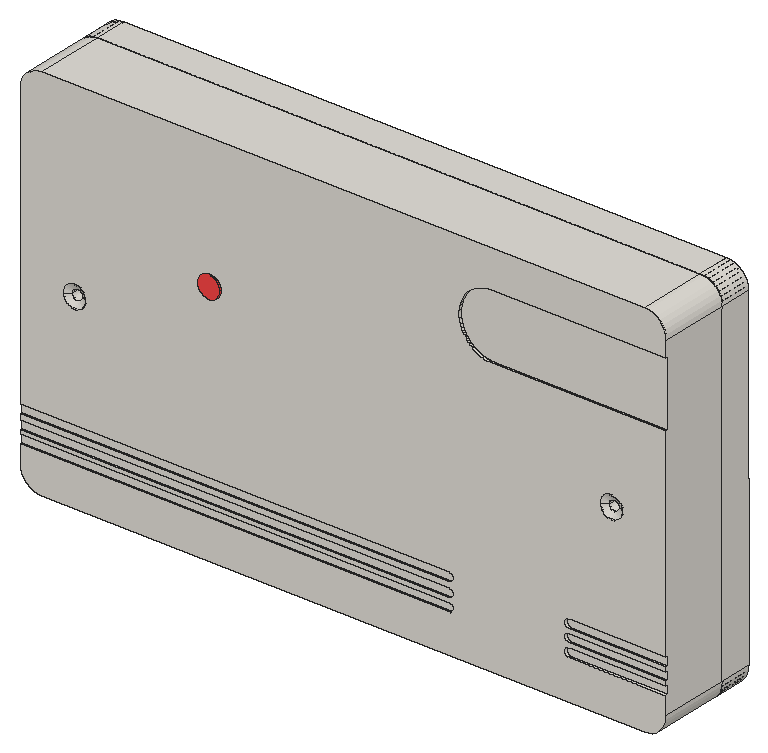
Revit family "TYCO-FPP-FireClass-FC410LI LINE ISOLATOR MODULE", category Electrical Fixtures, Revit 2014
Parameters (values of type "TYCO-FPP-FireClass-FC410LI LINE ISOLATOR MODULE")
  Wire Size (maximum) = "2.5sq. mm"
  Width = 84 mm  # constant formula
  URL = "https://fireclass.co.uk/en/emea/DocumentandMedia1/Data%20Sheets/80093%20Tyco%20Datasheet_addressable%20Loop%20Modules%20LR.pdf"
  Type Comments = "It monitors the line condition\r\nand when detecting a short circuit will isolate the affected section whilst\r\nallowing the rest of the loop to function normally."
  Thickness = 2 mm  # constant formula
  Storage Temperature = "–40°C to +80°C"
  Series Resistance (max.) = "0.25 Ohm"
  Relative Humidity = "10% to 95%"
  Rear Cover = yes
  PCB = PCB
  Model = "FireClass - 545.800.004"
  Manufacturer = "Tyco"
  Loop Voltage = "20V to 40Vdc"
  Length = 60 mm  # constant formula
  Keynote = "FC410LI"
  Input Current = "80μA"
  Front Cover = yes
  Equivalent Capacitance = "0.5nF"
  Description = "Line Isolation\r\nModule"
  Operating Temperature = "- 20 - + 70 ºC"
Reference planes
  plane 1 "Center (Front/Back)": y = 0
  plane 2: z = 0
  plane 3 "Center (Left/Right)": x = 0
  plane 4: z = 30
  plane 5: z = -30
  plane 6: x = -42
  plane 7: x = 42
  plane 8: y = -1
  plane 9: y = 1
Forms (mm)
  Extrusion 1, solid, material "PCB" <- "PCB", detail levels fine
    sketch origin (0, 0, 0) x (1, 0, 0) y (0, 0, 1)
      loop
        line (-42, 30) -> (-42, -30) -> (42, -30) -> (42, 30) -> (-42, 30)
      loop
        circle (-28.063, -14.377) r 3
      loop
        circle (-28.063, 14.377) r 3
      loop
        circle (28.063, -14.377) r 3
      loop
        circle (28.063, 14.377) r 3
      loop
        circle (37.958, 26.468) r 1.5
      loop
        circle (37.958, -26.468) r 1.5
      loop
        circle (-37.958, -26.468) r 1.5
      loop
        circle (-37.958, 16.045) r 1.5
    from -1 to 1
  Extrusion 2, solid, material "Black", detail levels fine
    sketch origin (0, 0, 0) x (0, 1, 0) y (0, 0, 1)
      loop
        line (-1, 31.143) -> (-4.43, 31.143) -> (-8.589, 28.231) -> (-8.589, 22.972) -> (-5.314, 19.697) -> (-1, 19.697) -> (-1, 31.143)
    from -7.445 to 22.842
  Extrusion 3, solid, detail levels fine
    sketch origin (-77.558, -4572, 30) x (-1, 0, 0) y (0, -1, 0)
      loop
        line (-70.898, -4568.682) -> (-70.898, -4564.66) -> (-75.179, -4564.66) -> (-75.179, -4568.682) -> (-70.898, -4568.682)
      loop
        line (-75.898, -4568.682) -> (-75.898, -4564.66) -> (-80.179, -4564.66) -> (-80.179, -4568.682) -> (-75.898, -4568.682)
      loop
        line (-80.898, -4568.682) -> (-80.898, -4564.66) -> (-85.179, -4564.66) -> (-85.179, -4568.682) -> (-80.898, -4568.682)
      loop
        line (-85.898, -4568.682) -> (-85.898, -4564.66) -> (-90.179, -4564.66) -> (-90.179, -4568.682) -> (-85.898, -4568.682)
      loop
        line (-90.418, -4568.682) -> (-90.418, -4564.66) -> (-94.699, -4564.66) -> (-94.699, -4568.682) -> (-90.418, -4568.682)
      loop
        line (-95.418, -4568.682) -> (-95.418, -4564.66) -> (-99.699, -4564.66) -> (-99.699, -4568.682) -> (-95.418, -4568.682)
    from -8.919 to 0
Lines and regions (mm)
  model lines, detail levels fine
    curve 1: line (12.723, -1, 10.497) -> (15.219, -1, 8)
    curve 2: line (15.219, -1, 8) -> (32.386, -1, 8)
    curve 3: line (32.386, -1, 8) -> (34.594, -1, 5.792)
    curve 4: line (34.594, -1, 5.792) -> (34.594, -1, -18.208)
    curve 5: line (35.394, -1, 5.792) -> (35.394, -1, -18.507)
    curve 6: line (32.951, -1, 8.566) -> (35.394, -1, 5.792)
    curve 7: line (15.785, -1, 8.566) -> (32.951, -1, 8.566)
    curve 8: line (13.288, -1, 11.062) -> (15.785, -1, 8.566)
    curve 9: line (12.723, -1, 10.497) -> (13.288, -1, 11.062)
    curve 10: line (34.594, -1, -18.208) -> (29.041, -1, -24.596)
    curve 11: line (29.041, -1, -24.596) -> (-5.488, -1, -24.596)
    curve 12: line (29.406, -1, -25.396) -> (-5.488, -1, -25.396)
    curve 13: line (35.394, -1, -18.507) -> (29.406, -1, -25.396)
    curve 14: line (-5.488, -1, -25.396) -> (-5.488, -1, -24.596)
    curve 15: line (-25.062, -1, 2.391) -> (-25.062, -1, -6.777)
    curve 16: line (-24.262, -1, 2.353) -> (-24.262, -1, -6.749)
    curve 17: circle (-24.628, -1, 3.083) r 0.816 normal (0, 1, 0)
    curve 18: circle (-24.638, -1, -7.474) r 0.816 normal (0, 1, 0)
    curve 19: line (-21.323, -1, 10.072) -> (-21.323, -1, 5.072)
    curve 20: line (-21.323, -1, 5.072) -> (-18.092, -1, 1.841)
    curve 21: line (-18.092, -1, 1.841) -> (-18.092, -1, -5.662)
    curve 22: line (-20.523, -1, 10.072) -> (-20.523, -1, 5.403)
    curve 23: line (-20.523, -1, 5.403) -> (-17.292, -1, 2.172)
    curve 24: line (-17.292, -1, 2.172) -> (-17.292, -1, -5.663)
    curve 25: circle (-20.935, -1, 10.607) r 0.816 normal (0, 1, 0)
    curve 26: circle (-17.693, -1, -6.374) r 0.816 normal (0, 1, 0)
    curve 27: line (11.71, -1, 6.738) -> (14.482, -1, 3.967)
    curve 28: line (14.482, -1, 3.967) -> (26.989, -1, 3.967)
    curve 29: line (28.809, -1, 2.147) -> (28.809, -1, -8.98)
    curve 30: line (12.276, -1, 7.304) -> (14.814, -1, 4.767)
    curve 31: line (14.814, -1, 4.767) -> (27.1, -1, 4.767)
    curve 32: line (29.609, -1, 2.258) -> (29.609, -1, -8.935)
    curve 33: arc (26.989, -1, 3.967) -> (28.276, -1, 3.434) -> (28.809, -1, 2.147) r 1.82
    curve 34: arc (27.1, -1, 4.767) -> (28.874, -1, 4.032) -> (29.609, -1, 2.258) r 2.508
    curve 35: line (11.71, -1, 6.738) -> (12.276, -1, 7.304)
    curve 36: line (24.601, -1, 0.851) -> (24.601, -1, -6.744)
    curve 37: line (22.842, -1, -8.503) -> (8.528, -1, -8.503)
    curve 38: line (22.449, -1, -7.703) -> (8.528, -1, -7.703)
    curve 39: line (23.801, -1, 0.851) -> (23.801, -1, -6.351)
    curve 40: arc (23.801, -1, -6.351) -> (23.405, -1, -7.307) -> (22.449, -1, -7.703) r 1.352
    curve 41: arc (24.601, -1, -6.744) -> (24.086, -1, -7.988) -> (22.842, -1, -8.503) r 1.759
    curve 42: line (23.801, -1, 0.851) -> (24.601, -1, 0.851)
    curve 43: line (8.528, -1, -8.503) -> (8.528, -1, -7.703)
    curve 44: circle (29.248, -1, -9.668) r 0.816 normal (0, 1, 0)
  model lines, detail levels coarse+medium
    curve 45: line (-42, 1, 30) -> (42, 1, 30)
    curve 46: line (-42, 1, -30) -> (-42, 1, 30)
    curve 47: line (42, 1, -30) -> (-42, 1, -30)
    curve 48: line (42, 1, 30) -> (42, 1, -30)
Dimensions and locks
  equal spacing: plane 4, plane 2, plane 5
  "Length": plane 4 to plane 5
  equal spacing: plane 7, plane 3 "Center (Left/Right)", plane 6
  "Width": plane 7 to plane 6
  equal spacing: plane 8, plane 1 "Center (Front/Back)", plane 9
  "Thickness": plane 8 to plane 9
  aligned and locked: level to plane 2
  aligned and locked: Extrusion 1 sketch curve to plane 4
  aligned and locked: plane 6 to Extrusion 1 sketch curve
  aligned and locked: Extrusion 1 sketch curve to plane 5
  aligned and locked: plane 7 to Extrusion 1 sketch curve
  aligned and locked: Extrusion 1 to plane 9
  aligned and locked: Extrusion 1 to plane 8
  aligned and locked: curve 45 to Extrusion 1
  aligned and locked: curve 46 to Extrusion 1
  aligned and locked: curve 47 to Extrusion 1
  aligned and locked: curve 48 to Extrusion 1
  aligned and locked: plane 3 "Center (Left/Right)" to nested 1
  aligned and locked: plane 2 to nested 1
  aligned and locked: plane 3 "Center (Left/Right)" to nested 2
  aligned and locked: plane 2 to nested 2
Automatic sketch dimensions
  plane 6 to Extrusion 1 sketch curve = 4.042 mm  (x2)
  Extrusion 1 sketch curve to Extrusion 1 sketch curve = 9.895 mm
  plane 6 to Extrusion 1 sketch curve = 13.937 mm
  plane 7 to Extrusion 1 sketch curve = 13.937 mm  (x2)
  plane 7 to Extrusion 1 sketch curve = 4.042 mm  (x2)
  Extrusion 1 sketch curve to plane 5 = 3.532 mm  (x2)
  Extrusion 1 sketch curve to level = 14.377 mm  (x2)
  level to Extrusion 1 sketch curve = 14.377 mm  (x2)
  Extrusion 1 sketch curve to Extrusion 1 sketch curve = 1.668 mm
  Extrusion 1 sketch curve to plane 4 = 3.532 mm
  curve 9 to Extrusion 1 = 29.277 mm
  curve 8 to Extrusion 1 = 18.938 mm
  curve 1 to curve 8 = 0.566 mm  (x2)
  curve 1 to curve 2 = 2.496 mm
  curve 1 to curve 7 = 0.566 mm
  curve 3 to Extrusion 1 = 9.614 mm
  curve 2 to curve 7 = 0.566 mm
  curve 2 to curve 4 = 2.208 mm
  curve 3 to curve 6 = 0.8 mm
  curve 3 to curve 2 = 2.208 mm
  curve 6 to curve 3 = 0 mm
  curve 4 to Extrusion 1 = 11.792 mm
  curve 5 to curve 4 = 0.299 mm
  curve 13 to plane 5 = 4.604 mm
  curve 12 to curve 14 = 0.8 mm
  curve 44 to level = 9.668 mm
  curve 43 to level = 8.503 mm
  curve 37 to curve 43 = 0.8 mm
  curve 18 to level = 7.474 mm
  curve 38 to curve 36 = 0.959 mm
  curve 26 to level = 6.374 mm
  curve 36 to curve 39 = 0.393 mm
  level to curve 42 = 0.851 mm
  level to curve 21 = 1.841 mm
  level to curve 29 = 2.147 mm
  curve 20 to curve 24 = 0.331 mm
  curve 33 to curve 32 = 0.111 mm
  level to curve 17 = 3.083 mm
  level to curve 28 = 3.967 mm
  curve 27 to curve 30 = 0.8 mm
  curve 17 to curve 20 = 1.989 mm
  curve 19 to curve 23 = 0.331 mm
  curve 30 to curve 35 = 1.972 mm
  curve 27 to curve 30 = 0.566 mm
  curve 22 to curve 25 = 5.204 mm
  plane 6 to curve 18 = 17.362 mm
  curve 18 to curve 17 = 0.009 mm
  curve 17 to curve 20 = 3.305 mm
  curve 19 to curve 25 = 0.388 mm
  curve 19 to curve 23 = 0.8 mm
  curve 22 to curve 20 = 2.431 mm
  curve 21 to curve 26 = 0.399 mm
  curve 20 to curve 24 = 0.8 mm
  curve 14 to plane 3 "Center (Left/Right)" = 5.488 mm
  plane 3 "Center (Left/Right)" to curve 37 = 8.528 mm
  plane 3 "Center (Left/Right)" to curve 35 = 11.71 mm
  curve 27 to curve 35 = 0.566 mm
  curve 38 to curve 38 = 13.921 mm
  curve 40 to curve 37 = 0.393 mm
  curve 36 to curve 28 = 2.388 mm
  curve 33 to curve 34 = 0.111 mm
  plane 7 to curve 10 = 12.959 mm
  curve 29 to curve 44 = 0.44 mm
  curve 10 to curve 13 = 0.365 mm
  curve 10 to curve 13 = 6.088 mm
  curve 13 to curve 10 = 0.299 mm
  curve 44 to curve 29 = 0.688 mm
  curve 18 to curve 15 = 0.697 mm
  curve 15 to curve 16 = 0.028 mm
  curve 26 to curve 24 = 0.711 mm
  curve 16 to curve 17 = 0.73 mm
  curve 16 to curve 15 = 0.038 mm
  curve 19 to curve 25 = 0.535 mm
  curve 22 to curve 25 = 0.535 mm
  plane 7 to curve 10 = 7.406 mm
  curve 10 to curve 13 = 0.8 mm
  Extrusion 2 sketch curve to plane 8 = 0 mm
  plane 4 to Extrusion 2 sketch curve = 1.143 mm
  Extrusion 2 sketch curve to Extrusion 2 sketch curve = 3.43 mm
  Extrusion 2 sketch curve to Extrusion 2 sketch curve = 4.314 mm
  Extrusion 2 sketch curve to Extrusion 2 sketch curve = 3.275 mm  (x2)
  Extrusion 2 sketch curve to plane 4 = 1.769 mm
  Extrusion 2 sketch curve to Extrusion 2 sketch curve = 5.259 mm
  Extrusion 3 sketch curve to plane 8 = 2.318 mm  (x2)
  plane 7 to Extrusion 3 sketch curve = 19.859 mm
  Extrusion 3 sketch curve to Extrusion 3 sketch curve = 4.281 mm  (x4)
  Extrusion 3 sketch curve to Extrusion 3 sketch curve = 0.719 mm  (x4)
  Extrusion 3 sketch curve to Extrusion 3 sketch curve = 0.239 mm
  plane 3 "Center (Left/Right)" to Extrusion 3 sketch curve = 3.34 mm
  Extrusion 3 sketch curve to plane 3 "Center (Left/Right)" = 1.66 mm
  Extrusion 3 sketch curve to Extrusion 3 sketch curve = 0 mm  (x9)
  Extrusion 3 sketch curve to Extrusion 3 sketch curve = 4.022 mm
  radius of Extrusion 1 sketch curve = 3 mm  (x4)
  radius of Extrusion 1 sketch curve = 1.5 mm  (x4)
  radius of curve 25 = 0.816 mm
Nested families
  nested 1: "517.035.007" at (0, 7, 0), visible <- "Front Cover", type "517.035.007 cover"
    with Front Cover yes
  nested 2: "517.035.010 rear cover" at (0, 0, -7.5), visible <- "Rear Cover", type "517.035.010 back box"
    with Rear cover yes
Connectors
  electrical at (0, 1, 0)
    settings: on Extrusion 1, index 1, voltage 0 V, apparent load 0 VA, apparent load phase1 0 VA, apparent load phase2 0 VA, apparent load phase3 0 VA, power factor 1, load classification "Other", number of poles 1, system type 10, power factor state 1, is connector primary yes, connector utility no, sub classification motor no, connector description ""
Definition of nested family "517.035.007"
  Parameters (values of type "517.035.007 cover")
    X = 2 mm
    W = 148 mm
    Type Comments = "M520 Ancillary cover for use with 800 series modules.\r\nWill fit onto a MK style double gang back box."
    Model = "517.035.007"
    Material = Cover
    Manufacturer = "Tyco"
    L = 87 mm
    Front Cover [instance] = yes
    Description = "M520 Ancillary Cover"
    D = 23 mm
  Reference planes
    plane 1 "Center (Front/Back)": y = 0
    plane 2: z = 0
    plane 3 "Center (Left/Right)": x = 0
    plane 4: x = -74
    plane 5: x = 74
    plane 6: x = 61.5
    plane 7: z = 43.5
    plane 8: z = -43.5
    plane 9: y = -23
  Forms (mm)
    Extrusion 1, solid, material "Cover" <- "Material", visible <- "Front Cover", detail levels fine
      sketch origin (0, -23.027, 0) x (1, 0, 0) y (0, 0, 1)
        loop
          arc (-69, 43.5) -> (-72.536, 42.036) -> (-74, 38.5) r 5
          line (-74, 38.5) -> (-74, -38.5)
          arc (-74, -38.5) -> (-72.536, -42.036) -> (-69, -43.5) r 5
          line (-69, -43.5) -> (69, -43.5)
          arc (69, -43.5) -> (72.536, -42.036) -> (74, -38.5) r 5
          line (74, -38.5) -> (74, 38.5)
          arc (74, 38.5) -> (72.536, 42.036) -> (69, 43.5) r 5
          line (69, 43.5) -> (-69, 43.5)
      from -23 to 0
    Extrusion 2, void
      sketch origin (0, -23.027, 0) x (-1, 0, 0) y (0, 0, 1)
        loop
          line (74, -26.396) -> (-24.324, -26.396)
          arc (-24.324, -26.396) -> (-25.324, -27.396) -> (-24.324, -28.396) r 1
          line (-24.324, -28.396) -> (74, -28.396) -> (74, -26.396)
        loop
          line (74, -29.671) -> (-24.324, -29.671)
          arc (-24.324, -29.671) -> (-25.324, -30.671) -> (-24.324, -31.671) r 1
          line (-24.324, -31.671) -> (74, -31.671) -> (74, -29.671)
        loop
          line (74, -32.583) -> (-24.324, -32.583)
          arc (-24.324, -32.583) -> (-25.324, -33.583) -> (-24.324, -34.583) r 1
          line (-24.324, -34.583) -> (74, -34.583) -> (74, -32.583)
        loop
          line (-51.834, -26.396) -> (-74, -26.396) -> (-74, -28.396) -> (-51.834, -28.396)
          arc (-51.834, -28.396) -> (-50.834, -27.396) -> (-51.834, -26.396) r 1
        loop
          line (-51.834, -29.305) -> (-74, -29.305) -> (-74, -31.305) -> (-51.834, -31.305)
          arc (-51.834, -31.305) -> (-50.834, -30.305) -> (-51.834, -29.305) r 1
        loop
          line (-51.834, -32.254) -> (-74, -32.254) -> (-74, -34.254) -> (-51.834, -34.254)
          arc (-51.834, -34.254) -> (-50.834, -33.254) -> (-51.834, -32.254) r 1
        loop
          line (-74, 34.995) -> (-74, 19.995) -> (-34, 19.995)
          arc (-34, 19.995) -> (-26.5, 27.495) -> (-34, 34.995) r 7.5
          line (-34, 34.995) -> (-74, 34.995)
      from 0 to 0.563
    Revolve 3, void
      sketch origin (0, -23.027, 0) x (0, -1, 0) y (1, 0, 0)
        loop
          line (-3.575, 61.5) -> (0, 61.5) -> (0, 64.045) -> (-0.836, 62.678) -> (-3.575, 62.678) -> (-3.575, 61.5)
        axis (-3.575, 61.5) -> (0, 61.5)
      angle from 0 to 360
    Extrusion 4, solid, material "LED RED", detail levels fine
      sketch origin (0, -23.027, 0) x (1, 0, 0) y (0, 0, 1)
        loop
          circle (-30.624, 12.978) r 2.558
      from -1.293 to 0.174
    Extrusion 5, void
      sketch origin (-94.576, -0.027, -4572) x (1, 0, 0) y (0, 0, -1)
        loop
          line (26.703, -4612.567) -> (162.316, -4612.567)
          arc (162.316, -4612.567) -> (164.664, -4611.594) -> (165.637, -4609.246) r 3.321
          line (165.637, -4609.246) -> (165.637, -4534.612)
          arc (165.637, -4534.612) -> (164.589, -4532.082) -> (162.058, -4531.033) r 3.578
          line (162.058, -4531.033) -> (27.05, -4531.033)
          arc (27.05, -4531.033) -> (24.499, -4532.09) -> (23.442, -4534.641) r 3.608
          line (23.442, -4534.641) -> (23.442, -4609.306)
          arc (23.442, -4609.306) -> (24.397, -4611.612) -> (26.703, -4612.567) r 3.261
      from 0 to -19.425
    Revolve 6, void
      sketch origin (0, -23.027, 0) x (0, 1, 0) y (-1, 0, 0)
        loop
          line (3.575, 61.5) -> (3.575, 62.678) -> (0.836, 62.678) -> (0, 64.045) -> (0, 61.5) -> (3.575, 61.5)
        axis (3.575, 61.5) -> (0, 61.5)
      angle from 0 to 360
  Cuts and joins
    Extrusion 2, Revolve 3, Extrusion 5, Revolve 6 cuts Extrusion 1
  Dimensions and locks
    equal spacing: plane 4, plane 3 "Center (Left/Right)", plane 5
    "W": plane 4 to plane 5
    locked: plane 5 to plane 6 at 12.5
    equal spacing: plane 7, level, plane 8
    "L": plane 7 to plane 8
    "D": plane 9 to plane 1 "Center (Front/Back)"
    aligned and locked: plane 2 to level
    aligned and locked: Extrusion 1 to Extrusion 5
    aligned and locked: Extrusion 1 sketch curve to plane 7
    aligned and locked: plane 4 to Extrusion 1 sketch curve
    aligned and locked: Extrusion 1 sketch curve to plane 8
    aligned and locked: Extrusion 1 to Extrusion 2
  Automatic sketch dimensions
    plane 5 to Extrusion 1 sketch curve = 0 mm
    plane 4 to Extrusion 1 sketch curve = 5 mm  (x2)
    plane 5 to Extrusion 1 sketch curve = 5 mm
    Extrusion 1 sketch curve to Extrusion 1 sketch curve = 5 mm
    plane 5 to Extrusion 2 sketch curve = 0 mm  (x4)
    Extrusion 2 sketch curve to plane 4 = 0 mm  (x3)
    Extrusion 2 sketch curve to plane 6 = 9.666 mm
    Extrusion 2 sketch curve to Extrusion 2 sketch curve = 0 mm  (x4)
    Extrusion 2 sketch curve to plane 6 = 27.5 mm
    Extrusion 2 sketch curve to plane 8 = 9.917 mm
    plane 3 "Center (Left/Right)" to Extrusion 2 sketch curve = 24.324 mm
    Extrusion 2 sketch curve to plane 8 = 9.246 mm
    Extrusion 2 sketch curve to plane 8 = 8.917 mm
    Extrusion 2 sketch curve to Extrusion 2 sketch curve = 1 mm  (x5)
    Extrusion 2 sketch curve to Extrusion 2 sketch curve = 0.912 mm
    Extrusion 2 sketch curve to Extrusion 2 sketch curve = 0.95 mm
    Extrusion 2 sketch curve to Extrusion 2 sketch curve = 0.908 mm
    Extrusion 2 sketch curve to Extrusion 2 sketch curve = 1.275 mm
    level to Extrusion 2 sketch curve = 19.995 mm
    Extrusion 2 sketch curve to Extrusion 2 sketch curve = 7.5 mm
    Revolve 3 sketch curve to plane 6 = 0 mm  (x2)
    plane 1 "Center (Front/Back)" to Revolve 3 sketch curve = 19.452 mm
    plane 6 to Revolve 3 sketch curve = 1.178 mm
    Revolve 3 sketch curve to Revolve 3 sketch curve = 2.739 mm
    plane 6 to Revolve 3 sketch curve = 2.545 mm
    Revolve 3 sketch curve to Revolve 3 sketch curve = 0.836 mm
    Revolve 3 sketch curve to Revolve 3 sketch curve = 0.558 mm
    Revolve 3 sketch curve to Revolve 3 sketch curve = 1.62 mm
    Extrusion 4 sketch curve to Extrusion 1 = 43.376 mm
    Extrusion 4 sketch curve to Extrusion 1 = 30.522 mm
    plane 4 to Extrusion 5 sketch curve = 2.867 mm
    Extrusion 5 sketch curve to plane 7 = 2.933 mm
    Extrusion 5 sketch curve to Extrusion 5 sketch curve = 3.261 mm
    Extrusion 5 sketch curve to plane 8 = 2.533 mm
    Extrusion 5 sketch curve to Extrusion 5 sketch curve = 3.608 mm
    plane 6 to Extrusion 5 sketch curve = 5.983 mm
    plane 6 to Extrusion 5 sketch curve = 6.24 mm
    plane 5 to Extrusion 5 sketch curve = 2.939 mm
    plane 1 "Center (Front/Back)" to Revolve 6 sketch curve = 23.027 mm
    Revolve 6 sketch curve to Revolve 6 sketch curve = 0.836 mm
    Revolve 6 sketch curve to Revolve 6 sketch curve = 2.739 mm
    plane 4 to Revolve 6 sketch curve = 12.5 mm
    Revolve 6 sketch curve to Revolve 6 sketch curve = 1.178 mm
    Revolve 6 sketch curve to Revolve 6 sketch curve = 1.367 mm
    Revolve 6 sketch curve to Revolve 6 sketch curve = 1.62 mm
    Revolve 6 sketch curve to Revolve 6 sketch curve = 0.558 mm
    Revolve 6 sketch curve to Revolve 6 sketch curve = 0 mm
    radius of Extrusion 4 sketch curve = 2.558 mm
Definition of nested family "517.035.010 rear cover"
  Parameters (values of type "517.035.010 back box")
    W = 148 mm
    URL = "http://tfppemea.com/en/_layouts/fsassets/Docs/Detection_FireClass/UK%20FireClass%20CATALOGUE%20(LR).pdf"
    Type Comments = "K2142 White plastic surface mount MK backbox for use\r\nwith 800 Series addressable ancillaries using 517.035.007\r\ncover."
    Rear cover [instance] = yes
    Model = "517.035.010\r\n517.035.010"
    Manufacturer = "Tyco"
    L = 87 mm
    Finish = rear cover
    Description = "K2142 White Plastic Surface Mount MK\r\nbackbox"
  Reference planes
    plane 1 "Center (Front/Back)": y = 0
    plane 2: z = 0
    plane 3 "Center (Left/Right)": x = 0
    plane 4: x = -74
    plane 5: x = 74
    plane 6: z = 7.5
  Forms (mm)
    Extrusion 1, solid, material "rear cover" <- "Finish", visible <- "Rear cover", detail levels fine
      sketch origin (0, 7.5, 7.5) x (1, 0, 0) y (0, 0, 1)
        loop
          arc (-69, 43.5) -> (-72.536, 42.036) -> (-74, 38.5) r 5
          line (-74, 38.5) -> (-74, -38.5)
          arc (-74, -38.5) -> (-72.536, -42.036) -> (-69, -43.5) r 5
          line (-69, -43.5) -> (69, -43.5)
          arc (69, -43.5) -> (72.536, -42.036) -> (74, -38.5) r 5
          line (74, -38.5) -> (74, 38.5)
          arc (74, 38.5) -> (72.536, 42.036) -> (69, 43.5) r 5
          line (69, 43.5) -> (-69, 43.5)
      from 0 to 7.5
    Extrusion 2, void
      sketch origin (0, 0, 0) x (-1, 0, 0) y (0, 0, 1)
        loop
          line (71.151, 48.985) -> (-71.802, 48.985) -> (-71.802, -33.613) -> (71.151, -33.613) -> (71.151, 48.985)
        loop
          circle (-61, 7.5) r 1.229
        loop
          circle (-61, 7.5) r 2.2
        loop
          circle (61, 7.5) r 1.229
        loop
          circle (61, 7.5) r 2.2
      from 0 to 6.364
  Cuts and joins
    Extrusion 2 cuts Extrusion 1
  Dimensions and locks
    equal spacing: plane 4, plane 3 "Center (Left/Right)", plane 5
    "W": plane 4 to plane 5
    plane 6 to plane 2 = 7.5 mm
    aligned and locked: plane 2 to level
    aligned and locked: Extrusion 1 sketch curve to plane 4
    aligned and locked: Extrusion 1 sketch curve to plane 5
  Automatic sketch dimensions
    Extrusion 1 sketch curve to plane 4 = 5 mm
    Extrusion 1 sketch curve to Extrusion 1 sketch curve = 5 mm
    Extrusion 1 sketch curve to plane 5 = 5 mm  (x2)
    Extrusion 1 sketch curve to level = 36 mm
    plane 6 to Extrusion 1 sketch curve = 38.5 mm
    Extrusion 2 sketch curve to Extrusion 2 sketch curve = 0 mm  (x4)
    Extrusion 2 sketch curve to plane 6 = 0 mm  (x2)
    Extrusion 2 sketch curve to plane 5 = 2.198 mm
    Extrusion 2 sketch curve to plane 5 = 13 mm
    Extrusion 2 sketch curve to plane 4 = 13 mm
    Extrusion 2 sketch curve to plane 4 = 2.849 mm
    Extrusion 2 sketch curve to level = 33.613 mm
    plane 6 to Extrusion 2 sketch curve = 41.485 mm
    radius of Extrusion 2 sketch curve = 1.229 mm  (x2)
    radius of Extrusion 2 sketch curve = 2.2 mm  (x2)
